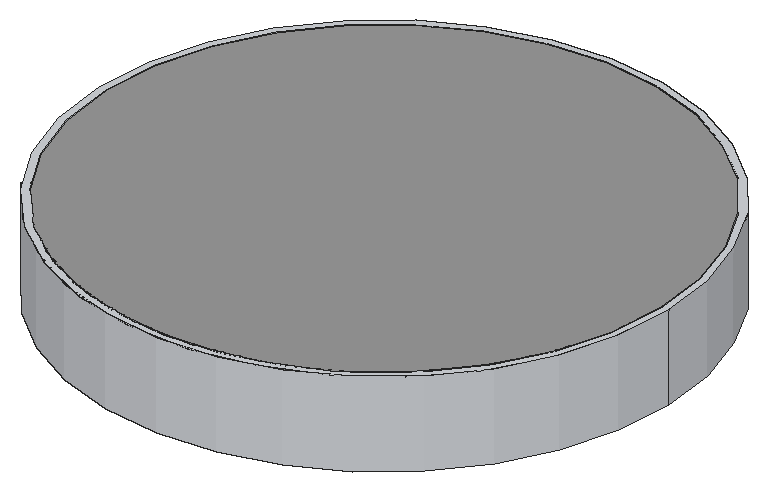
Revit family "2071329", category Lighting Fixtures, host Face, Revit 2018
Family settings
  Host = Face
  Round Connector Dimension = Use Diameter
  Part Type = Normal
  OmniClass Number = 23.80.70.00
  OmniClass Title = Lighting
  Cut with Voids When Loaded = No
  Light Source = Yes
  Shared = No
  Room Calculation Point = No
Parameters (values of type "2071329 COLOSSAL 400 HO 840 OP DIR WHT")
  iner diameter = 390 mm
  Weight = "n/a"
  Wattage Comments = ""
  Wattage = 30 W
  WarrantyStartDate [instance] = "n/a"
  WarrantyGuarantorParts = "n/a"
  WarrantyDurationUnit = "n/a"
  WarrantyDurationParts = ""
  WarrantyDescription = "http://www.sylvania-lighting.com"
  built-in parameter 1150110 = 1 (stored number, unit not read)
  Voltage = 230 V
  URL = "0.95"
  TypeName = "COLOSSAL 400mm HO 840 OPAL DIR WHITE"
  Type Image = <None>
  Type Comments = "n/a"
  built-in parameter 1114217 = 1 (stored number, unit not read)
  Tilt Angle = -90.00°
  built-in parameter 1150109 = 1 (stored number, unit not read)
  built-in parameter 1150134 = (empty or 0)
  built-in parameter 1150113 = 1 (stored number, unit not read)
  SerialNumber [instance] = "n/a"
  Photometric Web File = "2071329.ies"
  Material_3_SYL = LED-Sylvania
  PowerFactor = 0
  PowerConsumption = "Lighting"
  NominalLength = 400 mm
  NominalHeight = 93 mm
  NominalDepth = 400 mm
  Name = "COLOSSAL 400mm HO 840 OPAL DIR WHITE"
  ModelReference = Name  # "COLOSSAL 400mm HO 840 OPAL DIR WHITE"
  ModelNumber = "2071329"
  Model = Name  # "COLOSSAL 400mm HO 840 OPAL DIR WHITE"
  Material = "Feilo Sylvania"
  ManufacturerName = "132 lm/W"
  Manufacturer = ""
  LuminousEfficacy = ""
  built-in parameter 1150105 = 270.44 (stored number, unit not read)
  Lumens = 3398.4 lm
  LuminaireType = "0"
  built-in parameter 1150115 = 1 (stored number, unit not read)
  LightOutputRatio = "LED"
  built-in parameter 1150137 = (empty or 0)
  built-in parameter 1150139 = (empty or 0)
  LampsType = Lamp  # "n/a"
  LampNominalLuminous = "4000 K"
  LampMacAdamStep = "80"
  LampColourTemperature = "LED"
  LampColourRenderingIndex = "16500"
  built-in parameter 1150112 = 1 (stored number, unit not read)
  built-in parameter 1150114 = 1 (stored number, unit not read)
  Lamp = "n/a"
  Keynote = "n/a"
  InstallationDate [instance] = "n/a"
  InputVoltage = "0"
  InputNominalFrequency = "4000"
  built-in parameter 1150132 = (empty or 0)
  built-in parameter 1150102 = (empty or 0)
  built-in parameter 1150107 = 3000 (stored number, unit not read)
  built-in parameter 1150138 = (empty or 0)
  IngressProtection = "IfcLightFixtureType"
  ImpactProtectionIndex = "IfcLightFixtureType"
  built-in parameter 1150106 = 2.7044 (stored number, unit not read)
  IfcExportType = "IfcLightFixtureType"
  IfcExportAs = "Class I"
  Emit from Circle Diameter = 385 mm
  Emit Shape Visible in Rendering = no
  ElectricShockClassification = "132"
  built-in parameter 1150104 = 10.524 (stored number, unit not read)
  DocumentationLiterature = "http://www.sylvania-lighting.com/product/en-int/products/2071329"
  DimmingControlOptions = "n/a"
  Material_2_SYL = Polycarbonate_Sylvania_White
  Dimming Lamp Color Temperature Shift = <None>
  Description = "400mm diameter circular architectural luminaire, can be surface mounted or suspended. Powder coated aluminium housing (RAL9016) with polycarbonate opal diffuser. Direct light distribution, 3435lm luminuous flux, 27W system power, 127lm/W luminiaire efficacy. Constant current driver. Colour rendering index Ra >80, 4000K Neutral White LED, chromaticity tolerance of 3-step MacAdam ellipse. IP40, IK03. 600mA drive current. Electrical protection Class1, 220-240V. Reported lifetime 66k hours L90B10."
  Default Elevation = 1219.2 mm
  CreatedOn = "22/03/2022"
  CreatedBy = "@sylvania-lighting.com"
  Cost = 0
  Color Filter = 16777215
  built-in parameter 1114216 [instance] = (empty or 0)
  ClassificationValue = "EF_70_80"
  ClassificationName = "Uniclass2015"
  Material_1_SYL = Polycarbonate_Sylvania_Opal
  BarCode [instance] = "n/a"
  built-in parameter 1114218 = 1 (stored number, unit not read)
  built-in parameter 1150133 = 10 (stored number, unit not read)
  AssetType = "Fixed"
  AssetIdentifier [instance] = "n/a"
  Assembly Code = "D5020200"
  Apparent Load = 27 VA
  Material_4_SYL = none
Reference planes
  plane 1 "Center (Front/Back)": y = 0
  plane 2: z = 0
  plane 3 "Center (Left/Right)": x = 0
  plane 4: x = -200
  plane 5: x = 200
  plane 6: y = 200
  plane 7: y = -200
  plane 8: y = 236
  plane 9: y = -236
  plane 10: z = 93
  plane 11: y = 195
  plane 12: y = -195
  plane 13: y = 90.5
  plane 14: y = 144.5
  plane 15: through (52.25, 90.5, 1219.2) normal (0.866, 0.5, 0)
  plane 16: through (52.25, 90.5, 1219.2) normal (0.866, 0.5, 0)
  plane 17: through (63.706, 126.657, 1219.2) normal (0.866, 0.5, 0)
  plane 18: through (-104.5, 0, 1219.2) normal (-0.866, 0.5, 0)
  plane 19: through (-142.394, -9.633, 1219.2) normal (-0.866, 0.5, 0)
  plane 20: y = -90.5
  plane 21: y = -118.5
  plane 22: through (85.371, -141.133, 1219.2) normal (-0.866, 0.5, 0)
  plane 23: through (52.25, -90.5, 1219.2) normal (-0.866, 0.5, 0)
  plane 24: through (-161.658, 0, 1219.2) normal (0.866, 0.5, 0)
  plane 25: through (-172.12, 9.121, 1219.2) normal (0.866, 0.5, 0)
  plane 26: through (-104.5, 0, 1219.2) normal (0.866, 0.5, 0)
Forms (mm)
  Extrusion 1, solid, detail levels medium+fine
    sketch origin (0, 0, 0) x (1, 0, 0) y (0, 1, 0)
      loop
        circle (0, 0) r 200
    from 33.023 to 93
  Extrusion 2, void
    sketch origin (0, 0, 0) x (1, 0, 0) y (0, 1, 0)
      loop
        circle (0, 0) r 195
    from 93 to 37.292
  Extrusion 3, solid, material "Glass, White, High Luminance", detail levels fine
    sketch origin (0, 0, 0) x (1, 0, 0) y (0, 1, 0)
      loop
        circle (0, 0) r 195
    from 88.026 to 93
  Extrusion 4, solid, detail levels coarse
    sketch origin (0, 0, 0) x (1, 0, 0) y (0, 1, 0)
      loop
        line (-200, 200) -> (-200, -200) -> (200, -200) -> (200, 200) -> (-200, 200)
    from 0 to 93
  Blend 5, solid, detail levels medium+fine
    base sketch origin (0, 0, 0) x (1, 0, 0) y (0, 1, 0)
      loop
        line (-52.25, 90.5) -> (-104.5, 0) -> (-52.25, -90.5) -> (52.25, -90.5) -> (104.5, 0) -> (52.25, 90.5) -> (-52.25, 90.5)
    top sketch origin (0, 0, 0) x (1, 0, 0) y (0, 1, 0)
      loop
        line (-53.405, 144.5) -> (-149.245, -21.5) -> (-93.242, -118.5) -> (98.438, -118.5) -> (151.843, -26) -> (53.405, 144.5) -> (-53.405, 144.5)
    from 0 to 33.023
Cuts and joins
  Extrusion 2 cuts Extrusion 1
Dimensions and locks
  "NominalDepth": plane 6 to plane 7
  "NominalLength": plane 4 to plane 5
  equal spacing: plane 4, plane 3 "Center (Left/Right)", plane 5
  "iner diameter": plane 11 to plane 12
  equal spacing: plane 11, plane 1 "Center (Front/Back)", plane 12
  equal spacing: plane 6, plane 1 "Center (Front/Back)", plane 7
  "NominalHeight": plane 10 to level
  plane 19 to plane 18 = 28 mm
  radius of Extrusion 2 sketch curve = 195 mm
  aligned and locked: plane 2 to host face
  aligned and locked: level to host face
Automatic sketch dimensions
  host sketch curve to host sketch curve = 2438.4 mm  (x2)
  plane 1 "Center (Front/Back)" to Extrusion 1 sketch curve = 0 mm
  Extrusion 1 sketch curve to plane 3 "Center (Left/Right)" = 0 mm
  plane 1 "Center (Front/Back)" to Extrusion 2 sketch curve = 0 mm
  Extrusion 2 sketch curve to plane 3 "Center (Left/Right)" = 0 mm
  plane 1 "Center (Front/Back)" to Extrusion 3 sketch curve = 0 mm
  Extrusion 3 sketch curve to plane 3 "Center (Left/Right)" = 0 mm
  Extrusion 4 sketch curve to plane 4 = 0 mm
  Extrusion 4 sketch curve to plane 5 = 0 mm
  Extrusion 4 sketch curve to plane 7 = 0 mm
  Extrusion 4 sketch curve to plane 6 = 0 mm
  Blend 5 sketch curve to plane 19 = 0 mm  (x2)
  Blend 5 sketch curve to plane 24 = 0 mm  (x2)
  Blend 5 sketch curve to plane 21 = 0 mm
  Blend 5 sketch curve to plane 14 = 0 mm
  Blend 5 sketch curve to plane 17 = 0 mm  (x2)
  Blend 5 sketch curve to plane 22 = 0 mm  (x2)
  radius of Extrusion 1 sketch curve = 200 mm
  radius of Extrusion 3 sketch curve = 195 mm
Connectors
  electrical at (0, 0, 0), driven by "Apparent Load", driven by "PowerFactor", driven by "Voltage"
    settings: index 1, voltage 230 V, apparent load 27 VA, apparent load phase1 0 VA, apparent load phase2 0 VA, apparent load phase3 0 VA, power factor 0, load classification "Lighting", number of poles 1, system type 30, power factor state 1, is connector primary yes, connector utility no, sub classification motor no, connector description ""
